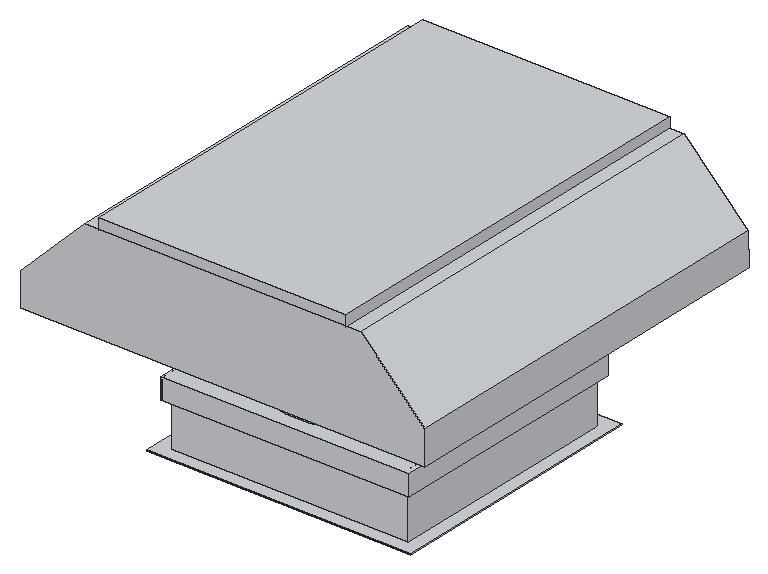
Revit family "HEE-D", category Mechanical Equipment, Revit 2019
Family settings
  Round Connector Dimension = Use Diameter
  Part Type = Normal
  Work Plane-Based = No
  Always vertical = Yes
  Cut with Voids When Loaded = No
  Shared = No
  Room Calculation Point = No
Parameters (values of type "24-HEE-D")
  Unit Weight [instance] = ""
  Sones [instance] = ""
  RO/2 = RO / 2  # 1' - 3 3/4"
  Motor RPM [instance] = ""
  Motor Enclosure [instance] = ""
  ModelID [instance] = ""
  LwA [instance] = ""
  W/2 = W / 2  # 2' - 5 1/2"
  L/2 = L / 2  # 2' - 5 1/2"
  RO = T_SQ - 0' 4 1/2"  # 2' - 7 1/2"
  T_SQ/2 = T_SQ / 2  # 1' - 6"
  Fan RPM [instance] = ""
  T_SQ = 3' - 0"
  W = 4' - 11"
  L = 4' - 11"
  CURB_HEIGHT [instance] = 0' - 9 1/2"
  CURB [instance] = yes
  C/2 = C / 2  # 0' - 5"
  C = 0' - 10"
  Brake Hp [instance] = ""
  B/2 = B / 2  # 0' - 1 1/2"
  B-.125" = B - 0' 0 1/8"  # 0' - 2 7/8"
  Accessories [instance] = ""
  A-C = A - C  # 1' - 6 3/4"
  B = 0' - 3"
  A/2 = A / 2  # 1' - 2 3/8"
  A-1.5" = A - 0' 1 1/2"  # 2' - 3 1/4"
  A = 2' - 4 3/4"
  4" = 0' - 4"  # constant formula
  2' = 2' - 0"
  2" = 0' - 2"  # constant formula
  1" = 0' - 1"  # constant formula
  0 = 0' - 0"  # constant formula
  Voltage [instance] = 0 V
  URL = "www.lorencook.com"
  Type Comments = "Hooded Exhaust Ventilator Extruded Aluminum Propeller Roof Mounted/Direct Drive"  # constant formula
  Static Pressure [instance] = 0.00 in-wg
  Power [instance] = Voltage * Motor FLA * sqrt(if(Phase = 3, 3, 1))  # 0 VA
  Phase [instance] = 0
  Number of Poles [instance] = 1
  Motor Hp [instance] = "0"
  Motor FLA [instance] = 0 A
  Model = "HEE-D"  # constant formula
  Manufacturer = "Loren Cook Company"
  CFM [instance] = 0 CFM
  1.5 = 0' - 1 1/2"  # constant formula
  ONE EIGTH = 0' - 0 1/8"  # constant formula
  -L/2 = -L / 2  # -2' - 5 1/2"
  -(C/2) = -(C / 2)  # -0' - 5"
  -(A/2) = -(A / 2)  # -1' - 2 3/8"
  (T_SQ/2)-2" = (T_SQ / 2) - 0' 2"  # 1' - 4"
  (T_SQ/2)+.125" = (T_SQ / 2) + 0' 0 1/8"  # 1' - 6 1/8"
  (A-C)/2 = (A - C) / 2  # 0' - 9 3/8"
Types (8): name | RO/2 | W/2 | L/2 | RO | T_SQ/2 | T_SQ | W | L | C/2 | C | B/2 | B-.125" | A-C | B | A/2 | A-1.5" | A | -L/2 | -(C/2) | -(A/2) | (T_SQ/2)-2" | (T_SQ/2)+.125" | (A-C)/2
  (no name) | 1' - 3 3/4" | 2' - 5 1/2" | 2' - 5 1/2" | 2' - 7 1/2" | 1' - 6" | 3' - 0" | 4' - 11" | 4' - 11" | 0' - 5" | 0' - 10" | 0' - 1 1/2" | 0' - 2 7/8" | 1' - 6 3/4" | 0' - 3" | 1' - 2 3/8" | 2' - 3 1/4" | 2' - 4 3/4" | -2' - 5 1/2" | -0' - 5" | -1' - 2 3/8" | 1' - 4" | 1' - 6 1/8" | 0' - 9 3/8"
  20-HEE-D | 1' - 1 3/4" | 2' - 2" | 2' - 2" | 2' - 3 1/2" | 1' - 4" | 2' - 8" | 4' - 4" | 4' - 4" | 0' - 5" | 0' - 10" | 0' - 1" | 0' - 1 7/8" | 1' - 5 1/4" | 0' - 2" | 1' - 1 5/8" | 2' - 1 3/4" | 2' - 3 1/4" | -2' - 2" | -0' - 5" | -1' - 1 5/8" | 1' - 2" | 1' - 4 1/8" | 0' - 8 5/8"
  30-HEE-D | 1' - 6 3/4" | 2' - 10 1/2" | 2' - 10 1/2" | 3' - 1 1/2" | 1' - 9" | 3' - 6" | 5' - 9" | 5' - 9" | 0' - 5" | 0' - 10" | 0' - 1 1/2" | 0' - 2 7/8" | 1' - 8 1/2" | 0' - 3" | 1' - 3 1/4" | 2' - 5" | 2' - 6 1/2" | -2' - 10 1/2" | -0' - 5" | -1' - 3 1/4" | 1' - 7" | 1' - 9 1/8" | 0' - 10 1/4"
  36-HEE-D | 1' - 9 3/4" | 3' - 4" | 3' - 4" | 3' - 7 1/2" | 2' - 0" | 4' - 0" | 6' - 8" | 6' - 8" | 0' - 5" | 0' - 10" | 0' - 1 1/2" | 0' - 2 7/8" | 1' - 11" | 0' - 3" | 1' - 4 1/2" | 2' - 7 1/2" | 2' - 9" | -3' - 4" | -0' - 5" | -1' - 4 1/2" | 1' - 10" | 2' - 0 1/8" | 0' - 11 1/2"
  42-HEE-D | 2' - 0 3/4" | 3' - 9" | 3' - 9" | 4' - 1 1/2" | 2' - 3" | 4' - 6" | 7' - 6" | 7' - 6" | 0' - 5" | 0' - 10" | 0' - 1 1/2" | 0' - 2 7/8" | 2' - 4" | 0' - 3" | 1' - 7" | 3' - 0 1/2" | 3' - 2" | -3' - 9" | -0' - 5" | -1' - 7" | 2' - 1" | 2' - 3 1/8" | 1' - 2"
  48-HEE-D | 2' - 3 3/4" | 3' - 9" | 4' - 7" | 4' - 7 1/2" | 2' - 6" | 5' - 0" | 7' - 6" | 9' - 2" | 0' - 6 3/4" | 1' - 1 1/2" | 0' - 1 1/2" | 0' - 2 7/8" | 2' - 4" | 0' - 3" | 1' - 8 3/4" | 3' - 4" | 3' - 5 1/2" | -4' - 7" | -0' - 6 3/4" | -1' - 8 3/4" | 2' - 4" | 2' - 6 1/8" | 1' - 2"
  54-HEE-D | 2' - 6 3/4" | 4' - 6 1/2" | 4' - 7 1/2" | 5' - 1 1/2" | 2' - 9" | 5' - 6" | 9' - 1" | 9' - 3" | 0' - 7 3/8" | 1' - 2 3/4" | 0' - 1 1/2" | 0' - 2 7/8" | 2' - 5 3/4" | 0' - 3" | 1' - 10 1/4" | 3' - 7" | 3' - 8 1/2" | -4' - 7 1/2" | -0' - 7 3/8" | -1' - 10 1/4" | 2' - 7" | 2' - 9 1/8" | 1' - 2 7/8"
  24-HEE-D | 1' - 3 3/4" | 2' - 5 1/2" | 2' - 5 1/2" | 2' - 7 1/2" | 1' - 6" | 3' - 0" | 4' - 11" | 4' - 11" | 0' - 5" | 0' - 10" | 0' - 1 1/2" | 0' - 2 7/8" | 1' - 6 3/4" | 0' - 3" | 1' - 2 3/8" | 2' - 3 1/4" | 2' - 4 3/4" | -2' - 5 1/2" | -0' - 5" | -1' - 2 3/8" | 1' - 4" | 1' - 6 1/8" | 0' - 9 3/8"
Reference planes (in)
  plane 1 "Center (Front/Back)": y = 0
  plane 2: z = 0
  plane 3 "Center (Left/Right)": x = 0.40541
Forms (in)
  Extrusion 1, solid
    sketch origin (0, 0, 0) x (1, 0, 0) y (0, 1, 0)
      loop
        line (-17.71959, 18.125) -> (-17.71959, -18.125) -> (18.53041, -18.125) -> (18.53041, 18.125) -> (-17.71959, 18.125)
    from 0 to 3 <- "B"
  Extrusion 2, void
    sketch origin (0, 0, 0) x (1, 0, 0) y (0, 1, 0)
      loop
        line (-17.59459, 18) -> (-17.59459, -18) -> (18.40541, -18) -> (18.40541, 18) -> (-17.59459, 18)
    from 0 to 2.875 <- "B-.125""
  Revolve 3, solid
    sketch origin (0, 0, 0) x (1, 0, 0) y (0, 0, 1)
      loop
        line (0.40541, 3) -> (16.40541, 3)
        arc (16.40541, 3) -> (11.40541, 8) -> (16.40541, 13) r 5
        line (16.40541, 13) -> (0.40541, 13) -> (0.40541, 3)
      axis (0.40541, 13) -> (0.40541, 3)
    angle from 0 to 360
  Extrusion 4, solid
    sketch origin (0, 0, 0) x (1, 0, 0) y (0, 0, 1)
      loop
        line (-29.09459, 13) -> (29.90541, 13) -> (29.90541, 27.25) -> (-29.09459, 27.25) -> (-29.09459, 13)
    from -29.5 <- "-L/2" to 29.5 <- "L/2"
  Extrusion 5, solid
    sketch origin (0, 0, 0) x (1, 0, 0) y (0, 0, 1)
      loop
        line (-17.59459, 27.25) -> (18.40541, 27.25) -> (18.40541, 28.75) -> (-17.59459, 28.75) -> (-17.59459, 27.25)
    from 29.5 <- "L/2" to -29.5 <- "-L/2"
  Extrusion 6, void
    sketch origin (0, 0, 0) x (1, 0, 0) y (0, 0, 1)
      loop
        line (20.53041, 27.25) -> (29.90541, 17.875) -> (29.90541, 27.25) -> (20.53041, 27.25)
      loop
        line (-19.71959, 27.25) -> (-29.09459, 27.25) -> (-29.09459, 17.875) -> (-19.71959, 27.25)
    from 29.5 <- "L/2" to -29.5 <- "-L/2"
  Extrusion 7, solid, visible <- "CURB"
    sketch origin (0, 0, 2.875) x (0, 1, 0) y (1, 0, 0)
      loop
        line (15.75, -15.34459) -> (15.75, 16.15541) -> (-15.75, 16.15541) -> (-15.75, -15.34459) -> (15.75, -15.34459)
      loop
        line (-17.25, 17.65541) -> (-17.25, -16.84459) -> (17.25, -16.84459) -> (17.25, 17.65541) -> (-17.25, 17.65541)
    from 0 to 9.5 <- "CURB_HEIGHT"
  Extrusion 8, solid, visible <- "CURB"
    sketch origin (0, 0, -6.625) x (-1, 0, 0) y (0, 1, 0)
      loop
        line (16.84459, -17.25) -> (16.84459, 17.25) -> (-17.65541, 17.25) -> (-17.65541, -17.25) -> (16.84459, -17.25)
      loop
        line (-19.65541, 19.25) -> (-19.65541, -19.25) -> (18.84459, -19.25) -> (18.84459, 19.25) -> (-19.65541, 19.25)
    from 0 to -0.125
Cuts and joins
  Extrusion 2 cuts Extrusion 1
  Extrusion 6 cuts Extrusion 4
  Extrusion 6 cuts Extrusion 5
Dimensions and locks (in)
  "(T_SQ/2)+.125"": Extrusion 1 sketch curve to plane 3 "Center (Left/Right)"
  "(T_SQ/2)+.125"": plane 3 "Center (Left/Right)" to Extrusion 1 sketch curve
  "(T_SQ/2)+.125"": plane 1 "Center (Front/Back)" to Extrusion 1 sketch curve
  "(T_SQ/2)+.125"": Extrusion 1 sketch curve to plane 1 "Center (Front/Back)"
  "T_SQ/2": Extrusion 2 sketch curve to plane 3 "Center (Left/Right)"
  "T_SQ/2": plane 3 "Center (Left/Right)" to Extrusion 2 sketch curve
  "T_SQ/2": plane 1 "Center (Front/Back)" to Extrusion 2 sketch curve
  "T_SQ/2": Extrusion 2 sketch curve to plane 1 "Center (Front/Back)"
  "C": Revolve 3 sketch curve to cut or joined group of Extrusion 1, Extrusion 2
  "(T_SQ/2)-2"": Revolve 3 sketch curve to plane 3 "Center (Left/Right)"
  "0": Revolve 3 sketch curve to plane 3 "Center (Left/Right)"  (x2)
  "0": Revolve 3 sketch curve to cut or joined group of Extrusion 1, Extrusion 2
  "A-1.5"": Extrusion 4 sketch curve to level
  "0": Extrusion 4 sketch curve to Revolve 3
  "W/2": Extrusion 4 sketch curve to plane 3 "Center (Left/Right)"  (x2)
  "0": Extrusion 5 sketch curve to Extrusion 4
  "1.5": Extrusion 5 sketch curve to Extrusion 5 sketch curve
  "T_SQ/2": Extrusion 5 sketch curve to plane 3 "Center (Left/Right)"
  "T_SQ/2": plane 3 "Center (Left/Right)" to Extrusion 5 sketch curve
  "0": Extrusion 6 sketch curve to Extrusion 4  (x3)
  "0": Extrusion 4 to Extrusion 6 sketch curve
  "(A-C)/2": Extrusion 6 sketch curve to Extrusion 6 sketch curve  (x4)
  "1.5": Extrusion 7 sketch curve to Extrusion 7 sketch curve  (x4)
  "RO/2": Extrusion 7 sketch curve to plane 3 "Center (Left/Right)"
  "RO/2": plane 3 "Center (Left/Right)" to Extrusion 7 sketch curve
  "RO/2": plane 1 "Center (Front/Back)" to Extrusion 7 sketch curve
  "RO/2": Extrusion 7 sketch curve to plane 1 "Center (Front/Back)"
  "2"": Extrusion 8 sketch curve to Extrusion 8 sketch curve  (x4)
  "0": Extrusion 8 sketch curve to Extrusion 7  (x3)
  "0": Extrusion 7 to Extrusion 8 sketch curve
Automatic sketch dimensions
  Revolve 3 sketch curve to level = 0' - 4"
  Revolve 3 sketch curve to Revolve 3 sketch curve = 0' - 0"
Connectors (in)
  hvac at (0.40541, 0, 2.875), driven by "RO", driven by "RO", driven by "CFM"
    settings: on cut or joined group of Extrusion 1, Extrusion 2, index 1, duct flow 0 CFM, flow factor 0, pres drop 0.00 in-wg, loss coef 0, conn angle 0.00°, conn width 31 1/2", conn height 31 1/2", conn diameter 24", duct sys type 3, conn prof type 1, flow config 0, flow direction 1, loss method 0, conn ref index -1, conn util no, is conn primary yes, conn desc ""
  electrical at (0.40541, 0, 2.875)
    settings: on cut or joined group of Extrusion 1, Extrusion 2, index 2, voltage 0 V, apparent load 0 VA, apparent load phase1 0 VA, apparent load phase2 0 VA, apparent load phase3 0 VA, power factor 1, load classification "Other", number of poles 1, system type 30, power factor state 1, is connector primary yes, connector utility no, sub classification motor no, connector description ""
